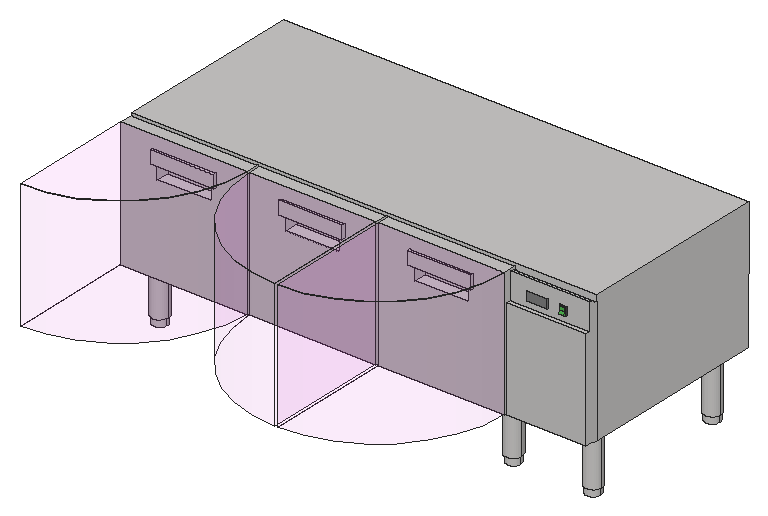
Revit family "QF_ELECTROLUXPROFESSIONAL_371373_E7TTCPCOMKN", category Specialty Equipment, Revit 2018
Family settings
  Round Connector Dimension = Use Diameter
  Part Type = Normal
  Work Plane-Based = No
  Always vertical = Yes
  Cut with Voids When Loaded = No
  Shared = No
  Room Calculation Point = No
Parameters
  Weight = 110.00 kg
  Watts = 0 W
  Volts = 0 V
  URL Manufacturer = ""
  URL = ""
  Steam Supply Size = 0 mm
  Steam Supply Minimum Pressure = 0.0 Pa
  Steam Supply Maximum Pressure = 0.0 Pa
  Steam Pounds per Hour = 0
  Refrigeration Suction Line Size = 0 mm
  Refrigeration Liquid Line Size = 0 mm
  Refrigerant Compressor Remote = yes
  Manufacturer = ""
  Phase = 0
  Model = ""
  Length Actual = 1600 mm  # constant formula
  Item Number = ""
  Hot Water Size = 0 mm
  Height Actual = 600 mm  # constant formula
  HP = "0.5 HP"
  Gas Size = 0 mm
  Gas KW = 0
  Gas Input Pressure = 0 W
  Direct Waste Size = 12.7 mm
  Description = ""
  Depth Actual = 700 mm  # constant formula
  Cycle = 0 Hz
  Condensate Return Size = 0 mm
  Compressed Air Volume = 0.0 L/s
  Compressed Air Size = 0 mm
  Compressed Air Pressure = 0.0 Pa
  Cold Water Size = 0 mm
  Accessory = yes
Reference planes
  plane 1 "Center X": y = 0
  plane 2: z = 0
  plane 3 "Centro (Sinistra/Destra)": x = 0
  plane 4: z = 200
  plane 5 "TOP": z = 650
  plane 6 "BACK": y = 350
  plane 7 "FRONT": y = -350
  plane 8 "LEFT": x = -800
  plane 9 "RIGHT": x = 800
  plane 10: y = -303
  plane 11: y = -348
  plane 12: x = -745
  plane 13: x = 745
  plane 14: x = 471
  plane 15: y = 262
  plane 16: y = -249
  plane 17: x = 286
  plane 18: x = -799
  plane 19: x = 799
  plane 20: y = 190
  plane 21: x = 560
Forms (mm)
  Extrusion 1, solid, material "QF_Finishes_Stainless Steel"
    sketch origin (0, 0, 650) x (-1, 0, 0) y (0, -1, 0)
      loop
        line (799, -350) -> (799, 303) -> (-799, 303) -> (-799, -350) -> (799, -350)
    from -450 to 0
  Extrusion 2, solid, material "QF_Finishes_Stainless Steel"
    sketch origin (196, -342.999, 0) x (-1, 0, 0) y (0, 0, 1)
      loop
        line (995, 201.587) -> (995, 640.994) -> (560.999, 640.994) -> (560.999, 201.587) -> (995, 201.587)
      loop
        line (871.3, 506.706) -> (871.3, 585) -> (684.699, 585) -> (684.699, 506.706) -> (871.3, 506.706)
    from -5.001 to 39.999
  Extrusion 3, solid, material "QF_Finishes_Stainless Steel"
    sketch origin (196, -348, 0) x (1, 0, 0) y (0, 0, 1)
      loop
        line (-886.3, 598.969) -> (-886.3, 553.969) -> (-669.699, 553.969) -> (-669.699, 598.969) -> (-886.3, 598.969)
    from 0 to 10
  Extrusion 4, solid, material "QF_Finishes_Stainless Steel"
    sketch origin (200, 0, 0) x (1, 0, 0) y (0, 1, 0)
      loop
        circle (560, 190) r 6
    from 189.987 to 200
  Extrusion 5, solid, material "QF_Finishes_Stainless Steel"
    sketch origin (799, 66.551, 0) x (0, 1, 0) y (0, 0, 1)
      loop
        line (-369.551, 629.527) -> (-386.314, 640.994) -> (-397.65, 640.994) -> (-397.65, 549.796) -> (-414.551, 549.796) -> (-414.551, 204.796) -> (-384.714, 204.796) -> (-374.993, 200) -> (-369.551, 200) -> (-369.551, 629.527)
    from 0 to -271
  Extrusion 6, solid, material "QF_Finishes_Black"
    sketch origin (783, -331.099, 630.994) x (0, 0, -1) y (1, 0, 0)
      loop
        line (32.198, -86.899) -> (61.199, -86.899) -> (61.199, -64.9) -> (32.198, -64.9) -> (32.198, -86.899)
    from 0 to 1.6
  Extrusion 7, solid, material "QF_Finishes_Grey"
    sketch origin (789, -331.099, 630.994) x (0, 0, -1) y (1, 0, 0)
      loop
        line (32.198, -206.099) -> (61.199, -206.099) -> (61.199, -136.099) -> (32.198, -136.099) -> (32.198, -206.099)
    from 0 to 1.6
  Extrusion 8, solid, material "QF_Finishes_Green"
    sketch origin (718.1, -331.099, 598.796) x (0, 0, -1) y (0, 1, 0)
      loop
        line (2.279, -3.281) -> (14.5, -3.281) -> (25.308, -8.985)
        arc (25.308, -8.985) -> (26.537, -5.394) -> (26.605, -1.6) r 12.221
        line (26.605, -1.6) -> (2.395, -1.6)
        arc (2.395, -1.6) -> (2.308, -2.439) -> (2.279, -3.281) r 12.221
    from -20 to -2
  Extrusion 9, solid, material "QF_Finishes_Stainless Steel"
    sketch origin (640.331, -342.999, 0) x (-1, 0, 0) y (0, 0, 1)
      loop
        line (997, 201.587) -> (997, 640.994) -> (563, 640.994) -> (563, 201.587) -> (997, 201.587)
      loop
        line (873.3, 506.706) -> (873.3, 585) -> (686.699, 585) -> (686.699, 506.706) -> (873.3, 506.706)
    from -5.001 to 39.999
  Extrusion 10, solid, material "QF_Finishes_Stainless Steel"
    sketch origin (640.331, -348, 0) x (1, 0, 0) y (0, 0, 1)
      loop
        line (-888.3, 598.969) -> (-888.3, 553.969) -> (-671.699, 553.969) -> (-671.699, 598.969) -> (-888.3, 598.969)
    from 0 to 10
  Extrusion 11, solid, material "QF_Finishes_Stainless Steel"
    sketch origin (1073.161, -342.999, 0) x (-1, 0, 0) y (0, 0, 1)
      loop
        line (553.5, 201.587) -> (987.5, 201.587) -> (987.5, 640.994) -> (553.5, 640.994) -> (553.5, 201.587)
      loop
        line (863.8, 506.706) -> (863.8, 585) -> (677.199, 585) -> (677.199, 506.706) -> (863.8, 506.706)
    from -5.001 to 39.999
  Extrusion 12, solid, material "QF_Finishes_Stainless Steel"
    sketch origin (1073.161, -348, 0) x (1, 0, 0) y (0, 0, 1)
      loop
        line (-878.8, 598.969) -> (-878.8, 553.969) -> (-662.199, 553.969) -> (-662.199, 598.969) -> (-878.8, 598.969)
    from 0 to 10
  Extrusion 13, solid, material "QF_Door-Drawer Clearances"
    sketch origin (0, 0, 0) x (1, 0, 0) y (0, 1, 0)
      loop
        line (-799, -348) -> (-799, -782)
        arc (-799, -782) -> (-492.116, -654.884) -> (-365, -348) r 434
        line (-365, -348) -> (-799, -348)
    from 201.587 to 640.994
  Extrusion 14, solid, material "QF_Door-Drawer Clearances"
    sketch origin (-721.669, 0, 0) x (-1, 0, 0) y (0, -1, 0)
      loop
        line (-799, 348) -> (-365, 348)
        arc (-365, 348) -> (-492.116, 654.884) -> (-799, 782) r 434
        line (-799, 782) -> (-799, 348)
    from 201.587 to 640.994
  Extrusion 15, solid, material "QF_Door-Drawer Clearances"
    sketch origin (884.661, 0, 0) x (1, 0, 0) y (0, 1, 0)
      loop
        line (-799, -348) -> (-799, -782)
        arc (-799, -782) -> (-492.116, -654.884) -> (-365, -348) r 434
        line (-365, -348) -> (-799, -348)
    from 201.587 to 640.994
Lines and regions (mm)
  Split face 1
    outline origin (789, -332.699, 630.994) x (0, 0, -1) y (1, 0, 0)
      loop
        line (37.198, -196.099) -> (52.198, -196.099) -> (52.198, -146.099) -> (37.198, -146.099) -> (37.198, -196.099)
  Split face 2
    outline origin (789, -332.699, 630.994) x (0, 0, -1) y (1, 0, 0)
      loop
        circle (44.698, -143.099) r 1.2
  Split face 3
    outline origin (789, -332.699, 630.994) x (0, 0, -1) y (1, 0, 0)
      loop
        circle (39.698, -143.099) r 1.2
  Split face 4
    outline origin (789, -332.699, 630.994) x (0, 0, -1) y (1, 0, 0)
      loop
        circle (49.698, -143.099) r 1.2
  Split face 5
    outline origin (789, -332.699, 630.994) x (0, 0, -1) y (1, 0, 0)
      loop
        circle (39.698, -199.099) r 1.2
  Split face 6
    outline origin (789, -332.699, 630.994) x (0, 0, -1) y (1, 0, 0)
      loop
        circle (44.698, -199.099) r 1.2
  Split face 7
    outline origin (789, -332.699, 630.994) x (0, 0, -1) y (1, 0, 0)
      loop
        circle (49.698, -199.099) r 1.2
  Split face 8
    outline origin (789, -332.699, 630.994) x (0, 0, -1) y (1, 0, 0)
      loop
        line (59.151, -196.099) -> (59.151, -185.099) -> (54.151, -185.099) -> (54.151, -196.099) -> (59.151, -196.099)
  Split face 9
    outline origin (789, -332.699, 630.994) x (0, 0, -1) y (1, 0, 0)
      loop
        line (54.151, -183.099) -> (59.151, -183.099) -> (59.151, -172.099) -> (54.151, -172.099) -> (54.151, -183.099)
  Split face 10
    outline origin (802, -332.699, 630.994) x (0, 0, -1) y (1, 0, 0)
      loop
        line (54.151, -183.099) -> (59.151, -183.099) -> (59.151, -172.099) -> (54.151, -172.099) -> (54.151, -183.099)
  Split face 11
    outline origin (815, -332.699, 630.994) x (0, 0, -1) y (1, 0, 0)
      loop
        line (54.151, -183.099) -> (59.151, -183.099) -> (59.151, -172.099) -> (54.151, -172.099) -> (54.151, -183.099)
  Split face 12
    outline origin (799, -348, 412.291) x (0, 0, -1) y (1, 0, 0)
      loop
        arc (-85.025, -240.599) -> (-81.004, -236.61) -> (-85.004, -232.599) r 4
        line (-85.004, -232.599) -> (-117.004, -232.599)
        arc (-117.004, -232.599) -> (-121.004, -236.61) -> (-116.984, -240.599) r 4
        line (-116.984, -240.599) -> (-85.025, -240.599)
  Split face 13
    outline origin (811, -348, 412.291) x (0, 0, -1) y (1, 0, 0)
      loop
        arc (-85.025, -240.599) -> (-81.004, -236.61) -> (-85.004, -232.599) r 4
        line (-85.004, -232.599) -> (-117.004, -232.599)
        arc (-117.004, -232.599) -> (-121.004, -236.61) -> (-116.984, -240.599) r 4
        line (-116.984, -240.599) -> (-85.025, -240.599)
  Split face 14
    outline origin (823, -348, 412.291) x (0, 0, -1) y (1, 0, 0)
      loop
        arc (-85.025, -240.599) -> (-81.004, -236.61) -> (-85.004, -232.599) r 4
        line (-85.004, -232.599) -> (-117.004, -232.599)
        arc (-117.004, -232.599) -> (-121.004, -236.61) -> (-116.984, -240.599) r 4
        line (-116.984, -240.599) -> (-85.025, -240.599)
  Split face 15
    outline origin (834.897, -348, 412.291) x (0, 0, -1) y (1, 0, 0)
      loop
        arc (-85.025, -240.599) -> (-81.004, -236.61) -> (-85.004, -232.599) r 4
        line (-85.004, -232.599) -> (-117.004, -232.599)
        arc (-117.004, -232.599) -> (-121.004, -236.61) -> (-116.984, -240.599) r 4
        line (-116.984, -240.599) -> (-85.025, -240.599)
  Split face 16
    outline origin (846.896, -348, 412.291) x (0, 0, -1) y (1, 0, 0)
      loop
        arc (-85.025, -240.599) -> (-81.004, -236.61) -> (-85.004, -232.599) r 4
        line (-85.004, -232.599) -> (-117.004, -232.599)
        arc (-117.004, -232.599) -> (-121.004, -236.61) -> (-116.984, -240.599) r 4
        line (-116.984, -240.599) -> (-85.025, -240.599)
  Split face 17
    outline origin (858.896, -348, 412.291) x (0, 0, -1) y (1, 0, 0)
      loop
        arc (-85.025, -240.599) -> (-81.004, -236.61) -> (-85.004, -232.599) r 4
        line (-85.004, -232.599) -> (-117.004, -232.599)
        arc (-117.004, -232.599) -> (-121.004, -236.61) -> (-116.984, -240.599) r 4
        line (-116.984, -240.599) -> (-85.025, -240.599)
  Split face 18
    outline origin (870.896, -348, 412.291) x (0, 0, -1) y (1, 0, 0)
      loop
        arc (-85.025, -240.599) -> (-81.004, -236.61) -> (-85.004, -232.599) r 4
        line (-85.004, -232.599) -> (-117.004, -232.599)
        arc (-117.004, -232.599) -> (-121.004, -236.61) -> (-116.984, -240.599) r 4
        line (-116.984, -240.599) -> (-85.025, -240.599)
  Split face 19
    outline origin (882.897, -348, 412.291) x (0, 0, -1) y (1, 0, 0)
      loop
        arc (-85.025, -240.599) -> (-81.004, -236.61) -> (-85.004, -232.599) r 4
        line (-85.004, -232.599) -> (-117.004, -232.599)
        arc (-117.004, -232.599) -> (-121.004, -236.61) -> (-116.984, -240.599) r 4
        line (-116.984, -240.599) -> (-85.025, -240.599)
  Split face 20
    outline origin (894.896, -348, 412.291) x (0, 0, -1) y (1, 0, 0)
      loop
        arc (-85.025, -240.599) -> (-81.004, -236.61) -> (-85.004, -232.599) r 4
        line (-85.004, -232.599) -> (-117.004, -232.599)
        arc (-117.004, -232.599) -> (-121.004, -236.61) -> (-116.984, -240.599) r 4
        line (-116.984, -240.599) -> (-85.025, -240.599)
  Split face 21
    outline origin (906.896, -348, 412.291) x (0, 0, -1) y (1, 0, 0)
      loop
        arc (-85.025, -242.399) -> (-81.004, -238.41) -> (-85.004, -234.4) r 4
        line (-85.004, -234.4) -> (-117.004, -234.4)
        arc (-117.004, -234.4) -> (-121.004, -238.41) -> (-116.984, -242.399) r 4
        line (-116.984, -242.399) -> (-85.025, -242.399)
  Split face 22
    outline origin (918.896, -348, 412.291) x (0, 0, -1) y (1, 0, 0)
      loop
        arc (-85.025, -242.399) -> (-81.004, -238.41) -> (-85.004, -234.4) r 4
        line (-85.004, -234.4) -> (-117.004, -234.4)
        arc (-117.004, -234.4) -> (-121.004, -238.41) -> (-116.984, -242.399) r 4
        line (-116.984, -242.399) -> (-85.025, -242.399)
  Split face 23
    outline origin (930.896, -348, 412.291) x (0, 0, -1) y (1, 0, 0)
      loop
        arc (-85.025, -242.399) -> (-81.004, -238.41) -> (-85.004, -234.4) r 4
        line (-85.004, -234.4) -> (-117.004, -234.4)
        arc (-117.004, -234.4) -> (-121.004, -238.41) -> (-116.984, -242.399) r 4
        line (-116.984, -242.399) -> (-85.025, -242.399)
  Split face 24
    outline origin (942.896, -348, 412.291) x (0, 0, -1) y (1, 0, 0)
      loop
        arc (-85.025, -242.399) -> (-81.004, -238.41) -> (-85.004, -234.4) r 4
        line (-85.004, -234.4) -> (-117.004, -234.4)
        arc (-117.004, -234.4) -> (-121.004, -238.41) -> (-116.984, -242.399) r 4
        line (-116.984, -242.399) -> (-85.025, -242.399)
  Split face 25
    outline origin (954.896, -348, 412.291) x (0, 0, -1) y (1, 0, 0)
      loop
        arc (-85.025, -242.399) -> (-81.004, -238.41) -> (-85.004, -234.4) r 4
        line (-85.004, -234.4) -> (-117.004, -234.4)
        arc (-117.004, -234.4) -> (-121.004, -238.41) -> (-116.984, -242.399) r 4
        line (-116.984, -242.399) -> (-85.025, -242.399)
  Split face 26
    outline origin (966.896, -348, 412.291) x (0, 0, -1) y (1, 0, 0)
      loop
        arc (-85.025, -242.399) -> (-81.004, -238.41) -> (-85.004, -234.4) r 4
        line (-85.004, -234.4) -> (-117.004, -234.4)
        arc (-117.004, -234.4) -> (-121.004, -238.41) -> (-116.984, -242.399) r 4
        line (-116.984, -242.399) -> (-85.025, -242.399)
  Split face 27
    outline origin (978.896, -348, 412.291) x (0, 0, -1) y (1, 0, 0)
      loop
        arc (-85.025, -242.399) -> (-81.004, -238.41) -> (-85.004, -234.4) r 4
        line (-85.004, -234.4) -> (-117.004, -234.4)
        arc (-117.004, -234.4) -> (-121.004, -238.41) -> (-116.984, -242.399) r 4
        line (-116.984, -242.399) -> (-85.025, -242.399)
  Split face 28
    outline origin (990.896, -348, 412.291) x (0, 0, -1) y (1, 0, 0)
      loop
        arc (-85.025, -242.399) -> (-81.004, -238.41) -> (-85.004, -234.4) r 4
        line (-85.004, -234.4) -> (-117.004, -234.4)
        arc (-117.004, -234.4) -> (-121.004, -238.41) -> (-116.984, -242.399) r 4
        line (-116.984, -242.399) -> (-85.025, -242.399)
  Split face 29
    outline origin (1002.896, -348, 412.291) x (0, 0, -1) y (1, 0, 0)
      loop
        arc (-85.025, -242.399) -> (-81.004, -238.41) -> (-85.004, -234.4) r 4
        line (-85.004, -234.4) -> (-117.004, -234.4)
        arc (-117.004, -234.4) -> (-121.004, -238.41) -> (-116.984, -242.399) r 4
        line (-116.984, -242.399) -> (-85.025, -242.399)
  Split face 30
    outline origin (1014.896, -348, 412.291) x (0, 0, -1) y (1, 0, 0)
      loop
        arc (-85.025, -242.399) -> (-81.004, -238.41) -> (-85.004, -234.4) r 4
        line (-85.004, -234.4) -> (-117.004, -234.4)
        arc (-117.004, -234.4) -> (-121.004, -238.41) -> (-116.984, -242.399) r 4
        line (-116.984, -242.399) -> (-85.025, -242.399)
  Split face 31
    outline origin (787, -348, 412.291) x (0, 0, -1) y (1, 0, 0)
      loop
        arc (-85.025, -240.599) -> (-81.004, -236.61) -> (-85.004, -232.599) r 4
        line (-85.004, -232.599) -> (-117.004, -232.599)
        arc (-117.004, -232.599) -> (-121.004, -236.61) -> (-116.984, -240.599) r 4
        line (-116.984, -240.599) -> (-85.025, -240.599)
  Split face 32
    outline origin (799, -348, 367.29) x (0, 0, -1) y (1, 0, 0)
      loop
        arc (-85.025, -240.599) -> (-81.004, -236.61) -> (-85.004, -232.599) r 4
        line (-85.004, -232.599) -> (-117.004, -232.599)
        arc (-117.004, -232.599) -> (-121.004, -236.61) -> (-116.984, -240.599) r 4
        line (-116.984, -240.599) -> (-85.025, -240.599)
  Split face 33
    outline origin (811, -348, 367.29) x (0, 0, -1) y (1, 0, 0)
      loop
        arc (-85.025, -240.599) -> (-81.004, -236.61) -> (-85.004, -232.599) r 4
        line (-85.004, -232.599) -> (-117.004, -232.599)
        arc (-117.004, -232.599) -> (-121.004, -236.61) -> (-116.984, -240.599) r 4
        line (-116.984, -240.599) -> (-85.025, -240.599)
  Split face 34
    outline origin (823, -348, 367.29) x (0, 0, -1) y (1, 0, 0)
      loop
        arc (-85.025, -240.599) -> (-81.004, -236.61) -> (-85.004, -232.599) r 4
        line (-85.004, -232.599) -> (-117.004, -232.599)
        arc (-117.004, -232.599) -> (-121.004, -236.61) -> (-116.984, -240.599) r 4
        line (-116.984, -240.599) -> (-85.025, -240.599)
  Split face 35
    outline origin (834.897, -348, 367.29) x (0, 0, -1) y (1, 0, 0)
      loop
        arc (-85.025, -240.599) -> (-81.004, -236.61) -> (-85.004, -232.599) r 4
        line (-85.004, -232.599) -> (-117.004, -232.599)
        arc (-117.004, -232.599) -> (-121.004, -236.61) -> (-116.984, -240.599) r 4
        line (-116.984, -240.599) -> (-85.025, -240.599)
  Split face 36
    outline origin (846.896, -348, 367.29) x (0, 0, -1) y (1, 0, 0)
      loop
        arc (-85.025, -240.599) -> (-81.004, -236.61) -> (-85.004, -232.599) r 4
        line (-85.004, -232.599) -> (-117.004, -232.599)
        arc (-117.004, -232.599) -> (-121.004, -236.61) -> (-116.984, -240.599) r 4
        line (-116.984, -240.599) -> (-85.025, -240.599)
  Split face 37
    outline origin (858.896, -348, 367.29) x (0, 0, -1) y (1, 0, 0)
      loop
        arc (-85.025, -240.599) -> (-81.004, -236.61) -> (-85.004, -232.599) r 4
        line (-85.004, -232.599) -> (-117.004, -232.599)
        arc (-117.004, -232.599) -> (-121.004, -236.61) -> (-116.984, -240.599) r 4
        line (-116.984, -240.599) -> (-85.025, -240.599)
  Split face 38
    outline origin (870.896, -348, 367.29) x (0, 0, -1) y (1, 0, 0)
      loop
        arc (-85.025, -240.599) -> (-81.004, -236.61) -> (-85.004, -232.599) r 4
        line (-85.004, -232.599) -> (-117.004, -232.599)
        arc (-117.004, -232.599) -> (-121.004, -236.61) -> (-116.984, -240.599) r 4
        line (-116.984, -240.599) -> (-85.025, -240.599)
  Split face 39
    outline origin (882.897, -348, 367.29) x (0, 0, -1) y (1, 0, 0)
      loop
        arc (-85.025, -240.599) -> (-81.004, -236.61) -> (-85.004, -232.599) r 4
        line (-85.004, -232.599) -> (-117.004, -232.599)
        arc (-117.004, -232.599) -> (-121.004, -236.61) -> (-116.984, -240.599) r 4
        line (-116.984, -240.599) -> (-85.025, -240.599)
  Split face 40
    outline origin (894.896, -348, 367.29) x (0, 0, -1) y (1, 0, 0)
      loop
        arc (-85.025, -240.599) -> (-81.004, -236.61) -> (-85.004, -232.599) r 4
        line (-85.004, -232.599) -> (-117.004, -232.599)
        arc (-117.004, -232.599) -> (-121.004, -236.61) -> (-116.984, -240.599) r 4
        line (-116.984, -240.599) -> (-85.025, -240.599)
  Split face 41
    outline origin (906.896, -348, 367.29) x (0, 0, -1) y (1, 0, 0)
      loop
        arc (-85.025, -242.399) -> (-81.004, -238.41) -> (-85.004, -234.4) r 4
        line (-85.004, -234.4) -> (-117.004, -234.4)
        arc (-117.004, -234.4) -> (-121.004, -238.41) -> (-116.984, -242.399) r 4
        line (-116.984, -242.399) -> (-85.025, -242.399)
  Split face 42
    outline origin (918.896, -348, 367.29) x (0, 0, -1) y (1, 0, 0)
      loop
        arc (-85.025, -242.399) -> (-81.004, -238.41) -> (-85.004, -234.4) r 4
        line (-85.004, -234.4) -> (-117.004, -234.4)
        arc (-117.004, -234.4) -> (-121.004, -238.41) -> (-116.984, -242.399) r 4
        line (-116.984, -242.399) -> (-85.025, -242.399)
  Split face 43
    outline origin (930.896, -348, 367.29) x (0, 0, -1) y (1, 0, 0)
      loop
        arc (-85.025, -242.399) -> (-81.004, -238.41) -> (-85.004, -234.4) r 4
        line (-85.004, -234.4) -> (-117.004, -234.4)
        arc (-117.004, -234.4) -> (-121.004, -238.41) -> (-116.984, -242.399) r 4
        line (-116.984, -242.399) -> (-85.025, -242.399)
  Split face 44
    outline origin (942.896, -348, 367.29) x (0, 0, -1) y (1, 0, 0)
      loop
        arc (-85.025, -242.399) -> (-81.004, -238.41) -> (-85.004, -234.4) r 4
        line (-85.004, -234.4) -> (-117.004, -234.4)
        arc (-117.004, -234.4) -> (-121.004, -238.41) -> (-116.984, -242.399) r 4
        line (-116.984, -242.399) -> (-85.025, -242.399)
  Split face 45
    outline origin (954.896, -348, 367.29) x (0, 0, -1) y (1, 0, 0)
      loop
        arc (-85.025, -242.399) -> (-81.004, -238.41) -> (-85.004, -234.4) r 4
        line (-85.004, -234.4) -> (-117.004, -234.4)
        arc (-117.004, -234.4) -> (-121.004, -238.41) -> (-116.984, -242.399) r 4
        line (-116.984, -242.399) -> (-85.025, -242.399)
  Split face 46
    outline origin (966.896, -348, 367.29) x (0, 0, -1) y (1, 0, 0)
      loop
        arc (-85.025, -242.399) -> (-81.004, -238.41) -> (-85.004, -234.4) r 4
        line (-85.004, -234.4) -> (-117.004, -234.4)
        arc (-117.004, -234.4) -> (-121.004, -238.41) -> (-116.984, -242.399) r 4
        line (-116.984, -242.399) -> (-85.025, -242.399)
  Split face 47
    outline origin (978.896, -348, 367.29) x (0, 0, -1) y (1, 0, 0)
      loop
        arc (-85.025, -242.399) -> (-81.004, -238.41) -> (-85.004, -234.4) r 4
        line (-85.004, -234.4) -> (-117.004, -234.4)
        arc (-117.004, -234.4) -> (-121.004, -238.41) -> (-116.984, -242.399) r 4
        line (-116.984, -242.399) -> (-85.025, -242.399)
  Split face 48
    outline origin (990.896, -348, 367.29) x (0, 0, -1) y (1, 0, 0)
      loop
        arc (-85.025, -242.399) -> (-81.004, -238.41) -> (-85.004, -234.4) r 4
        line (-85.004, -234.4) -> (-117.004, -234.4)
        arc (-117.004, -234.4) -> (-121.004, -238.41) -> (-116.984, -242.399) r 4
        line (-116.984, -242.399) -> (-85.025, -242.399)
  Split face 49
    outline origin (1002.896, -348, 367.29) x (0, 0, -1) y (1, 0, 0)
      loop
        arc (-85.025, -242.399) -> (-81.004, -238.41) -> (-85.004, -234.4) r 4
        line (-85.004, -234.4) -> (-117.004, -234.4)
        arc (-117.004, -234.4) -> (-121.004, -238.41) -> (-116.984, -242.399) r 4
        line (-116.984, -242.399) -> (-85.025, -242.399)
  Split face 50
    outline origin (1014.896, -348, 367.29) x (0, 0, -1) y (1, 0, 0)
      loop
        arc (-85.025, -242.399) -> (-81.004, -238.41) -> (-85.004, -234.4) r 4
        line (-85.004, -234.4) -> (-117.004, -234.4)
        arc (-117.004, -234.4) -> (-121.004, -238.41) -> (-116.984, -242.399) r 4
        line (-116.984, -242.399) -> (-85.025, -242.399)
  Split face 51
    outline origin (787, -348, 367.29) x (0, 0, -1) y (1, 0, 0)
      loop
        arc (-85.025, -240.599) -> (-81.004, -236.61) -> (-85.004, -232.599) r 4
        line (-85.004, -232.599) -> (-117.004, -232.599)
        arc (-117.004, -232.599) -> (-121.004, -236.61) -> (-116.984, -240.599) r 4
        line (-116.984, -240.599) -> (-85.025, -240.599)
  Split face 52
    outline origin (799, -348, 322.29) x (0, 0, -1) y (1, 0, 0)
      loop
        arc (-85.025, -240.599) -> (-81.004, -236.61) -> (-85.004, -232.599) r 4
        line (-85.004, -232.599) -> (-117.004, -232.599)
        arc (-117.004, -232.599) -> (-121.004, -236.61) -> (-116.984, -240.599) r 4
        line (-116.984, -240.599) -> (-85.025, -240.599)
  Split face 53
    outline origin (811, -348, 322.29) x (0, 0, -1) y (1, 0, 0)
      loop
        arc (-85.025, -240.599) -> (-81.004, -236.61) -> (-85.004, -232.599) r 4
        line (-85.004, -232.599) -> (-117.004, -232.599)
        arc (-117.004, -232.599) -> (-121.004, -236.61) -> (-116.984, -240.599) r 4
        line (-116.984, -240.599) -> (-85.025, -240.599)
  Split face 54
    outline origin (823, -348, 322.29) x (0, 0, -1) y (1, 0, 0)
      loop
        arc (-85.025, -240.599) -> (-81.004, -236.61) -> (-85.004, -232.599) r 4
        line (-85.004, -232.599) -> (-117.004, -232.599)
        arc (-117.004, -232.599) -> (-121.004, -236.61) -> (-116.984, -240.599) r 4
        line (-116.984, -240.599) -> (-85.025, -240.599)
  Split face 55
    outline origin (834.897, -348, 322.29) x (0, 0, -1) y (1, 0, 0)
      loop
        arc (-85.025, -240.599) -> (-81.004, -236.61) -> (-85.004, -232.599) r 4
        line (-85.004, -232.599) -> (-117.004, -232.599)
        arc (-117.004, -232.599) -> (-121.004, -236.61) -> (-116.984, -240.599) r 4
        line (-116.984, -240.599) -> (-85.025, -240.599)
  Split face 56
    outline origin (846.896, -348, 322.29) x (0, 0, -1) y (1, 0, 0)
      loop
        arc (-85.025, -240.599) -> (-81.004, -236.61) -> (-85.004, -232.599) r 4
        line (-85.004, -232.599) -> (-117.004, -232.599)
        arc (-117.004, -232.599) -> (-121.004, -236.61) -> (-116.984, -240.599) r 4
        line (-116.984, -240.599) -> (-85.025, -240.599)
  Split face 57
    outline origin (858.896, -348, 322.29) x (0, 0, -1) y (1, 0, 0)
      loop
        arc (-85.025, -240.599) -> (-81.004, -236.61) -> (-85.004, -232.599) r 4
        line (-85.004, -232.599) -> (-117.004, -232.599)
        arc (-117.004, -232.599) -> (-121.004, -236.61) -> (-116.984, -240.599) r 4
        line (-116.984, -240.599) -> (-85.025, -240.599)
  Split face 58
    outline origin (870.896, -348, 322.29) x (0, 0, -1) y (1, 0, 0)
      loop
        arc (-85.025, -240.599) -> (-81.004, -236.61) -> (-85.004, -232.599) r 4
        line (-85.004, -232.599) -> (-117.004, -232.599)
        arc (-117.004, -232.599) -> (-121.004, -236.61) -> (-116.984, -240.599) r 4
        line (-116.984, -240.599) -> (-85.025, -240.599)
  Split face 59
    outline origin (882.897, -348, 322.29) x (0, 0, -1) y (1, 0, 0)
      loop
        arc (-85.025, -240.599) -> (-81.004, -236.61) -> (-85.004, -232.599) r 4
        line (-85.004, -232.599) -> (-117.004, -232.599)
        arc (-117.004, -232.599) -> (-121.004, -236.61) -> (-116.984, -240.599) r 4
        line (-116.984, -240.599) -> (-85.025, -240.599)
  Split face 60
    outline origin (894.896, -348, 322.29) x (0, 0, -1) y (1, 0, 0)
      loop
        arc (-85.025, -240.599) -> (-81.004, -236.61) -> (-85.004, -232.599) r 4
        line (-85.004, -232.599) -> (-117.004, -232.599)
        arc (-117.004, -232.599) -> (-121.004, -236.61) -> (-116.984, -240.599) r 4
        line (-116.984, -240.599) -> (-85.025, -240.599)
  Split face 61
    outline origin (906.896, -348, 322.29) x (0, 0, -1) y (1, 0, 0)
      loop
        arc (-85.025, -242.399) -> (-81.004, -238.41) -> (-85.004, -234.4) r 4
        line (-85.004, -234.4) -> (-117.004, -234.4)
        arc (-117.004, -234.4) -> (-121.004, -238.41) -> (-116.984, -242.399) r 4
        line (-116.984, -242.399) -> (-85.025, -242.399)
  Split face 62
    outline origin (918.896, -348, 322.29) x (0, 0, -1) y (1, 0, 0)
      loop
        arc (-85.025, -242.399) -> (-81.004, -238.41) -> (-85.004, -234.4) r 4
        line (-85.004, -234.4) -> (-117.004, -234.4)
        arc (-117.004, -234.4) -> (-121.004, -238.41) -> (-116.984, -242.399) r 4
        line (-116.984, -242.399) -> (-85.025, -242.399)
  Split face 63
    outline origin (930.896, -348, 322.29) x (0, 0, -1) y (1, 0, 0)
      loop
        arc (-85.025, -242.399) -> (-81.004, -238.41) -> (-85.004, -234.4) r 4
        line (-85.004, -234.4) -> (-117.004, -234.4)
        arc (-117.004, -234.4) -> (-121.004, -238.41) -> (-116.984, -242.399) r 4
        line (-116.984, -242.399) -> (-85.025, -242.399)
  Split face 64
    outline origin (942.896, -348, 322.29) x (0, 0, -1) y (1, 0, 0)
      loop
        arc (-85.025, -242.399) -> (-81.004, -238.41) -> (-85.004, -234.4) r 4
        line (-85.004, -234.4) -> (-117.004, -234.4)
        arc (-117.004, -234.4) -> (-121.004, -238.41) -> (-116.984, -242.399) r 4
        line (-116.984, -242.399) -> (-85.025, -242.399)
  Split face 65
    outline origin (954.896, -348, 322.29) x (0, 0, -1) y (1, 0, 0)
      loop
        arc (-85.025, -242.399) -> (-81.004, -238.41) -> (-85.004, -234.4) r 4
        line (-85.004, -234.4) -> (-117.004, -234.4)
        arc (-117.004, -234.4) -> (-121.004, -238.41) -> (-116.984, -242.399) r 4
        line (-116.984, -242.399) -> (-85.025, -242.399)
  Split face 66
    outline origin (966.896, -348, 322.29) x (0, 0, -1) y (1, 0, 0)
      loop
        arc (-85.025, -242.399) -> (-81.004, -238.41) -> (-85.004, -234.4) r 4
        line (-85.004, -234.4) -> (-117.004, -234.4)
        arc (-117.004, -234.4) -> (-121.004, -238.41) -> (-116.984, -242.399) r 4
        line (-116.984, -242.399) -> (-85.025, -242.399)
  Split face 67
    outline origin (978.896, -348, 322.29) x (0, 0, -1) y (1, 0, 0)
      loop
        arc (-85.025, -242.399) -> (-81.004, -238.41) -> (-85.004, -234.4) r 4
        line (-85.004, -234.4) -> (-117.004, -234.4)
        arc (-117.004, -234.4) -> (-121.004, -238.41) -> (-116.984, -242.399) r 4
        line (-116.984, -242.399) -> (-85.025, -242.399)
  Split face 68
    outline origin (990.896, -348, 322.29) x (0, 0, -1) y (1, 0, 0)
      loop
        arc (-85.025, -242.399) -> (-81.004, -238.41) -> (-85.004, -234.4) r 4
        line (-85.004, -234.4) -> (-117.004, -234.4)
        arc (-117.004, -234.4) -> (-121.004, -238.41) -> (-116.984, -242.399) r 4
        line (-116.984, -242.399) -> (-85.025, -242.399)
  Split face 69
    outline origin (1002.896, -348, 322.29) x (0, 0, -1) y (1, 0, 0)
      loop
        arc (-85.025, -242.399) -> (-81.004, -238.41) -> (-85.004, -234.4) r 4
        line (-85.004, -234.4) -> (-117.004, -234.4)
        arc (-117.004, -234.4) -> (-121.004, -238.41) -> (-116.984, -242.399) r 4
        line (-116.984, -242.399) -> (-85.025, -242.399)
  Split face 70
    outline origin (1014.896, -348, 322.29) x (0, 0, -1) y (1, 0, 0)
      loop
        arc (-85.025, -242.399) -> (-81.004, -238.41) -> (-85.004, -234.4) r 4
        line (-85.004, -234.4) -> (-117.004, -234.4)
        arc (-117.004, -234.4) -> (-121.004, -238.41) -> (-116.984, -242.399) r 4
        line (-116.984, -242.399) -> (-85.025, -242.399)
  Split face 71
    outline origin (787, -348, 322.29) x (0, 0, -1) y (1, 0, 0)
      loop
        arc (-85.025, -240.599) -> (-81.004, -236.61) -> (-85.004, -232.599) r 4
        line (-85.004, -232.599) -> (-117.004, -232.599)
        arc (-117.004, -232.599) -> (-121.004, -236.61) -> (-116.984, -240.599) r 4
        line (-116.984, -240.599) -> (-85.025, -240.599)
  Split face 72
    outline origin (799, -348, 277.29) x (0, 0, -1) y (1, 0, 0)
      loop
        arc (-85.025, -240.599) -> (-81.004, -236.61) -> (-85.004, -232.599) r 4
        line (-85.004, -232.599) -> (-117.004, -232.599)
        arc (-117.004, -232.599) -> (-121.004, -236.61) -> (-116.984, -240.599) r 4
        line (-116.984, -240.599) -> (-85.025, -240.599)
  Split face 73
    outline origin (811, -348, 277.29) x (0, 0, -1) y (1, 0, 0)
      loop
        arc (-85.025, -240.599) -> (-81.004, -236.61) -> (-85.004, -232.599) r 4
        line (-85.004, -232.599) -> (-117.004, -232.599)
        arc (-117.004, -232.599) -> (-121.004, -236.61) -> (-116.984, -240.599) r 4
        line (-116.984, -240.599) -> (-85.025, -240.599)
  Split face 74
    outline origin (823, -348, 277.29) x (0, 0, -1) y (1, 0, 0)
      loop
        arc (-85.025, -240.599) -> (-81.004, -236.61) -> (-85.004, -232.599) r 4
        line (-85.004, -232.599) -> (-117.004, -232.599)
        arc (-117.004, -232.599) -> (-121.004, -236.61) -> (-116.984, -240.599) r 4
        line (-116.984, -240.599) -> (-85.025, -240.599)
  Split face 75
    outline origin (834.897, -348, 277.29) x (0, 0, -1) y (1, 0, 0)
      loop
        arc (-85.025, -240.599) -> (-81.004, -236.61) -> (-85.004, -232.599) r 4
        line (-85.004, -232.599) -> (-117.004, -232.599)
        arc (-117.004, -232.599) -> (-121.004, -236.61) -> (-116.984, -240.599) r 4
        line (-116.984, -240.599) -> (-85.025, -240.599)
  Split face 76
    outline origin (846.896, -348, 277.29) x (0, 0, -1) y (1, 0, 0)
      loop
        arc (-85.025, -240.599) -> (-81.004, -236.61) -> (-85.004, -232.599) r 4
        line (-85.004, -232.599) -> (-117.004, -232.599)
        arc (-117.004, -232.599) -> (-121.004, -236.61) -> (-116.984, -240.599) r 4
        line (-116.984, -240.599) -> (-85.025, -240.599)
  Split face 77
    outline origin (858.896, -348, 277.29) x (0, 0, -1) y (1, 0, 0)
      loop
        arc (-85.025, -240.599) -> (-81.004, -236.61) -> (-85.004, -232.599) r 4
        line (-85.004, -232.599) -> (-117.004, -232.599)
        arc (-117.004, -232.599) -> (-121.004, -236.61) -> (-116.984, -240.599) r 4
        line (-116.984, -240.599) -> (-85.025, -240.599)
  Split face 78
    outline origin (870.896, -348, 277.29) x (0, 0, -1) y (1, 0, 0)
      loop
        arc (-85.025, -240.599) -> (-81.004, -236.61) -> (-85.004, -232.599) r 4
        line (-85.004, -232.599) -> (-117.004, -232.599)
        arc (-117.004, -232.599) -> (-121.004, -236.61) -> (-116.984, -240.599) r 4
        line (-116.984, -240.599) -> (-85.025, -240.599)
  Split face 79
    outline origin (882.897, -348, 277.29) x (0, 0, -1) y (1, 0, 0)
      loop
        arc (-85.025, -240.599) -> (-81.004, -236.61) -> (-85.004, -232.599) r 4
        line (-85.004, -232.599) -> (-117.004, -232.599)
        arc (-117.004, -232.599) -> (-121.004, -236.61) -> (-116.984, -240.599) r 4
        line (-116.984, -240.599) -> (-85.025, -240.599)
  Split face 80
    outline origin (894.896, -348, 277.29) x (0, 0, -1) y (1, 0, 0)
      loop
        arc (-85.025, -240.599) -> (-81.004, -236.61) -> (-85.004, -232.599) r 4
        line (-85.004, -232.599) -> (-117.004, -232.599)
        arc (-117.004, -232.599) -> (-121.004, -236.61) -> (-116.984, -240.599) r 4
        line (-116.984, -240.599) -> (-85.025, -240.599)
  Split face 81
    outline origin (906.896, -348, 277.29) x (0, 0, -1) y (1, 0, 0)
      loop
        arc (-85.025, -242.399) -> (-81.004, -238.41) -> (-85.004, -234.4) r 4
        line (-85.004, -234.4) -> (-117.004, -234.4)
        arc (-117.004, -234.4) -> (-121.004, -238.41) -> (-116.984, -242.399) r 4
        line (-116.984, -242.399) -> (-85.025, -242.399)
  Split face 82
    outline origin (918.896, -348, 277.29) x (0, 0, -1) y (1, 0, 0)
      loop
        arc (-85.025, -242.399) -> (-81.004, -238.41) -> (-85.004, -234.4) r 4
        line (-85.004, -234.4) -> (-117.004, -234.4)
        arc (-117.004, -234.4) -> (-121.004, -238.41) -> (-116.984, -242.399) r 4
        line (-116.984, -242.399) -> (-85.025, -242.399)
  Split face 83
    outline origin (930.896, -348, 277.29) x (0, 0, -1) y (1, 0, 0)
      loop
        arc (-85.025, -242.399) -> (-81.004, -238.41) -> (-85.004, -234.4) r 4
        line (-85.004, -234.4) -> (-117.004, -234.4)
        arc (-117.004, -234.4) -> (-121.004, -238.41) -> (-116.984, -242.399) r 4
        line (-116.984, -242.399) -> (-85.025, -242.399)
  Split face 84
    outline origin (942.896, -348, 277.29) x (0, 0, -1) y (1, 0, 0)
      loop
        arc (-85.025, -242.399) -> (-81.004, -238.41) -> (-85.004, -234.4) r 4
        line (-85.004, -234.4) -> (-117.004, -234.4)
        arc (-117.004, -234.4) -> (-121.004, -238.41) -> (-116.984, -242.399) r 4
        line (-116.984, -242.399) -> (-85.025, -242.399)
  Split face 85
    outline origin (954.896, -348, 277.29) x (0, 0, -1) y (1, 0, 0)
      loop
        arc (-85.025, -242.399) -> (-81.004, -238.41) -> (-85.004, -234.4) r 4
        line (-85.004, -234.4) -> (-117.004, -234.4)
        arc (-117.004, -234.4) -> (-121.004, -238.41) -> (-116.984, -242.399) r 4
        line (-116.984, -242.399) -> (-85.025, -242.399)
  Split face 86
    outline origin (966.896, -348, 277.29) x (0, 0, -1) y (1, 0, 0)
      loop
        arc (-85.025, -242.399) -> (-81.004, -238.41) -> (-85.004, -234.4) r 4
        line (-85.004, -234.4) -> (-117.004, -234.4)
        arc (-117.004, -234.4) -> (-121.004, -238.41) -> (-116.984, -242.399) r 4
        line (-116.984, -242.399) -> (-85.025, -242.399)
  Split face 87
    outline origin (978.896, -348, 277.29) x (0, 0, -1) y (1, 0, 0)
      loop
        arc (-85.025, -242.399) -> (-81.004, -238.41) -> (-85.004, -234.4) r 4
        line (-85.004, -234.4) -> (-117.004, -234.4)
        arc (-117.004, -234.4) -> (-121.004, -238.41) -> (-116.984, -242.399) r 4
        line (-116.984, -242.399) -> (-85.025, -242.399)
  Split face 88
    outline origin (990.896, -348, 277.29) x (0, 0, -1) y (1, 0, 0)
      loop
        arc (-85.025, -242.399) -> (-81.004, -238.41) -> (-85.004, -234.4) r 4
        line (-85.004, -234.4) -> (-117.004, -234.4)
        arc (-117.004, -234.4) -> (-121.004, -238.41) -> (-116.984, -242.399) r 4
        line (-116.984, -242.399) -> (-85.025, -242.399)
  Split face 89
    outline origin (1002.896, -348, 277.29) x (0, 0, -1) y (1, 0, 0)
      loop
        arc (-85.025, -242.399) -> (-81.004, -238.41) -> (-85.004, -234.4) r 4
        line (-85.004, -234.4) -> (-117.004, -234.4)
        arc (-117.004, -234.4) -> (-121.004, -238.41) -> (-116.984, -242.399) r 4
        line (-116.984, -242.399) -> (-85.025, -242.399)
  Split face 90
    outline origin (1014.896, -348, 277.29) x (0, 0, -1) y (1, 0, 0)
      loop
        arc (-85.025, -242.399) -> (-81.004, -238.41) -> (-85.004, -234.4) r 4
        line (-85.004, -234.4) -> (-117.004, -234.4)
        arc (-117.004, -234.4) -> (-121.004, -238.41) -> (-116.984, -242.399) r 4
        line (-116.984, -242.399) -> (-85.025, -242.399)
  Split face 91
    outline origin (787, -348, 277.29) x (0, 0, -1) y (1, 0, 0)
      loop
        arc (-85.025, -240.599) -> (-81.004, -236.61) -> (-85.004, -232.599) r 4
        line (-85.004, -232.599) -> (-117.004, -232.599)
        arc (-117.004, -232.599) -> (-121.004, -236.61) -> (-116.984, -240.599) r 4
        line (-116.984, -240.599) -> (-85.025, -240.599)
  Split face 92
    outline origin (799, -348, 232.29) x (0, 0, -1) y (1, 0, 0)
      loop
        arc (-85.025, -240.599) -> (-81.004, -236.61) -> (-85.004, -232.599) r 4
        line (-85.004, -232.599) -> (-117.004, -232.599)
        arc (-117.004, -232.599) -> (-121.004, -236.61) -> (-116.984, -240.599) r 4
        line (-116.984, -240.599) -> (-85.025, -240.599)
  Split face 93
    outline origin (811, -348, 232.29) x (0, 0, -1) y (1, 0, 0)
      loop
        arc (-85.025, -240.599) -> (-81.004, -236.61) -> (-85.004, -232.599) r 4
        line (-85.004, -232.599) -> (-117.004, -232.599)
        arc (-117.004, -232.599) -> (-121.004, -236.61) -> (-116.984, -240.599) r 4
        line (-116.984, -240.599) -> (-85.025, -240.599)
  Split face 94
    outline origin (823, -348, 232.29) x (0, 0, -1) y (1, 0, 0)
      loop
        arc (-85.025, -240.599) -> (-81.004, -236.61) -> (-85.004, -232.599) r 4
        line (-85.004, -232.599) -> (-117.004, -232.599)
        arc (-117.004, -232.599) -> (-121.004, -236.61) -> (-116.984, -240.599) r 4
        line (-116.984, -240.599) -> (-85.025, -240.599)
  Split face 95
    outline origin (834.897, -348, 232.29) x (0, 0, -1) y (1, 0, 0)
      loop
        arc (-85.025, -240.599) -> (-81.004, -236.61) -> (-85.004, -232.599) r 4
        line (-85.004, -232.599) -> (-117.004, -232.599)
        arc (-117.004, -232.599) -> (-121.004, -236.61) -> (-116.984, -240.599) r 4
        line (-116.984, -240.599) -> (-85.025, -240.599)
  Split face 96
    outline origin (846.896, -348, 232.29) x (0, 0, -1) y (1, 0, 0)
      loop
        arc (-85.025, -240.599) -> (-81.004, -236.61) -> (-85.004, -232.599) r 4
        line (-85.004, -232.599) -> (-117.004, -232.599)
        arc (-117.004, -232.599) -> (-121.004, -236.61) -> (-116.984, -240.599) r 4
        line (-116.984, -240.599) -> (-85.025, -240.599)
  Split face 97
    outline origin (858.896, -348, 232.29) x (0, 0, -1) y (1, 0, 0)
      loop
        arc (-85.025, -240.599) -> (-81.004, -236.61) -> (-85.004, -232.599) r 4
        line (-85.004, -232.599) -> (-117.004, -232.599)
        arc (-117.004, -232.599) -> (-121.004, -236.61) -> (-116.984, -240.599) r 4
        line (-116.984, -240.599) -> (-85.025, -240.599)
  Split face 98
    outline origin (870.896, -348, 232.29) x (0, 0, -1) y (1, 0, 0)
      loop
        arc (-85.025, -240.599) -> (-81.004, -236.61) -> (-85.004, -232.599) r 4
        line (-85.004, -232.599) -> (-117.004, -232.599)
        arc (-117.004, -232.599) -> (-121.004, -236.61) -> (-116.984, -240.599) r 4
        line (-116.984, -240.599) -> (-85.025, -240.599)
  Split face 99
    outline origin (882.897, -348, 232.29) x (0, 0, -1) y (1, 0, 0)
      loop
        arc (-85.025, -240.599) -> (-81.004, -236.61) -> (-85.004, -232.599) r 4
        line (-85.004, -232.599) -> (-117.004, -232.599)
        arc (-117.004, -232.599) -> (-121.004, -236.61) -> (-116.984, -240.599) r 4
        line (-116.984, -240.599) -> (-85.025, -240.599)
  Split face 100
    outline origin (894.896, -348, 232.29) x (0, 0, -1) y (1, 0, 0)
      loop
        arc (-85.025, -240.599) -> (-81.004, -236.61) -> (-85.004, -232.599) r 4
        line (-85.004, -232.599) -> (-117.004, -232.599)
        arc (-117.004, -232.599) -> (-121.004, -236.61) -> (-116.984, -240.599) r 4
        line (-116.984, -240.599) -> (-85.025, -240.599)
  Split face 101
    outline origin (906.896, -348, 232.29) x (0, 0, -1) y (1, 0, 0)
      loop
        arc (-85.025, -242.399) -> (-81.004, -238.41) -> (-85.004, -234.4) r 4
        line (-85.004, -234.4) -> (-117.004, -234.4)
        arc (-117.004, -234.4) -> (-121.004, -238.41) -> (-116.984, -242.399) r 4
        line (-116.984, -242.399) -> (-85.025, -242.399)
  Split face 102
    outline origin (918.896, -348, 232.29) x (0, 0, -1) y (1, 0, 0)
      loop
        arc (-85.025, -242.399) -> (-81.004, -238.41) -> (-85.004, -234.4) r 4
        line (-85.004, -234.4) -> (-117.004, -234.4)
        arc (-117.004, -234.4) -> (-121.004, -238.41) -> (-116.984, -242.399) r 4
        line (-116.984, -242.399) -> (-85.025, -242.399)
  Split face 103
    outline origin (930.896, -348, 232.29) x (0, 0, -1) y (1, 0, 0)
      loop
        arc (-85.025, -242.399) -> (-81.004, -238.41) -> (-85.004, -234.4) r 4
        line (-85.004, -234.4) -> (-117.004, -234.4)
        arc (-117.004, -234.4) -> (-121.004, -238.41) -> (-116.984, -242.399) r 4
        line (-116.984, -242.399) -> (-85.025, -242.399)
  Split face 104
    outline origin (942.896, -348, 232.29) x (0, 0, -1) y (1, 0, 0)
      loop
        arc (-85.025, -242.399) -> (-81.004, -238.41) -> (-85.004, -234.4) r 4
        line (-85.004, -234.4) -> (-117.004, -234.4)
        arc (-117.004, -234.4) -> (-121.004, -238.41) -> (-116.984, -242.399) r 4
        line (-116.984, -242.399) -> (-85.025, -242.399)
  Split face 105
    outline origin (954.896, -348, 232.29) x (0, 0, -1) y (1, 0, 0)
      loop
        arc (-85.025, -242.399) -> (-81.004, -238.41) -> (-85.004, -234.4) r 4
        line (-85.004, -234.4) -> (-117.004, -234.4)
        arc (-117.004, -234.4) -> (-121.004, -238.41) -> (-116.984, -242.399) r 4
        line (-116.984, -242.399) -> (-85.025, -242.399)
  Split face 106
    outline origin (966.896, -348, 232.29) x (0, 0, -1) y (1, 0, 0)
      loop
        arc (-85.025, -242.399) -> (-81.004, -238.41) -> (-85.004, -234.4) r 4
        line (-85.004, -234.4) -> (-117.004, -234.4)
        arc (-117.004, -234.4) -> (-121.004, -238.41) -> (-116.984, -242.399) r 4
        line (-116.984, -242.399) -> (-85.025, -242.399)
  Split face 107
    outline origin (978.896, -348, 232.29) x (0, 0, -1) y (1, 0, 0)
      loop
        arc (-85.025, -242.399) -> (-81.004, -238.41) -> (-85.004, -234.4) r 4
        line (-85.004, -234.4) -> (-117.004, -234.4)
        arc (-117.004, -234.4) -> (-121.004, -238.41) -> (-116.984, -242.399) r 4
        line (-116.984, -242.399) -> (-85.025, -242.399)
  Split face 108
    outline origin (990.896, -348, 232.29) x (0, 0, -1) y (1, 0, 0)
      loop
        arc (-85.025, -242.399) -> (-81.004, -238.41) -> (-85.004, -234.4) r 4
        line (-85.004, -234.4) -> (-117.004, -234.4)
        arc (-117.004, -234.4) -> (-121.004, -238.41) -> (-116.984, -242.399) r 4
        line (-116.984, -242.399) -> (-85.025, -242.399)
  Split face 109
    outline origin (1002.896, -348, 232.29) x (0, 0, -1) y (1, 0, 0)
      loop
        arc (-85.025, -242.399) -> (-81.004, -238.41) -> (-85.004, -234.4) r 4
        line (-85.004, -234.4) -> (-117.004, -234.4)
        arc (-117.004, -234.4) -> (-121.004, -238.41) -> (-116.984, -242.399) r 4
        line (-116.984, -242.399) -> (-85.025, -242.399)
  Split face 110
    outline origin (1014.896, -348, 232.29) x (0, 0, -1) y (1, 0, 0)
      loop
        arc (-85.025, -242.399) -> (-81.004, -238.41) -> (-85.004, -234.4) r 4
        line (-85.004, -234.4) -> (-117.004, -234.4)
        arc (-117.004, -234.4) -> (-121.004, -238.41) -> (-116.984, -242.399) r 4
        line (-116.984, -242.399) -> (-85.025, -242.399)
  Split face 111
    outline origin (787, -348, 232.29) x (0, 0, -1) y (1, 0, 0)
      loop
        arc (-85.025, -240.599) -> (-81.004, -236.61) -> (-85.004, -232.599) r 4
        line (-85.004, -232.599) -> (-117.004, -232.599)
        arc (-117.004, -232.599) -> (-121.004, -236.61) -> (-116.984, -240.599) r 4
        line (-116.984, -240.599) -> (-85.025, -240.599)
  Split face 112
    outline origin (799, -348, 187.29) x (0, 0, -1) y (1, 0, 0)
      loop
        arc (-85.025, -240.599) -> (-81.004, -236.61) -> (-85.004, -232.599) r 4
        line (-85.004, -232.599) -> (-117.004, -232.599)
        arc (-117.004, -232.599) -> (-121.004, -236.61) -> (-116.984, -240.599) r 4
        line (-116.984, -240.599) -> (-85.025, -240.599)
  Split face 113
    outline origin (811, -348, 187.29) x (0, 0, -1) y (1, 0, 0)
      loop
        arc (-85.025, -240.599) -> (-81.004, -236.61) -> (-85.004, -232.599) r 4
        line (-85.004, -232.599) -> (-117.004, -232.599)
        arc (-117.004, -232.599) -> (-121.004, -236.61) -> (-116.984, -240.599) r 4
        line (-116.984, -240.599) -> (-85.025, -240.599)
  Split face 114
    outline origin (823, -348, 187.29) x (0, 0, -1) y (1, 0, 0)
      loop
        arc (-85.025, -240.599) -> (-81.004, -236.61) -> (-85.004, -232.599) r 4
        line (-85.004, -232.599) -> (-117.004, -232.599)
        arc (-117.004, -232.599) -> (-121.004, -236.61) -> (-116.984, -240.599) r 4
        line (-116.984, -240.599) -> (-85.025, -240.599)
  Split face 115
    outline origin (834.897, -348, 187.29) x (0, 0, -1) y (1, 0, 0)
      loop
        arc (-85.025, -240.599) -> (-81.004, -236.61) -> (-85.004, -232.599) r 4
        line (-85.004, -232.599) -> (-117.004, -232.599)
        arc (-117.004, -232.599) -> (-121.004, -236.61) -> (-116.984, -240.599) r 4
        line (-116.984, -240.599) -> (-85.025, -240.599)
  Split face 116
    outline origin (846.896, -348, 187.29) x (0, 0, -1) y (1, 0, 0)
      loop
        arc (-85.025, -240.599) -> (-81.004, -236.61) -> (-85.004, -232.599) r 4
        line (-85.004, -232.599) -> (-117.004, -232.599)
        arc (-117.004, -232.599) -> (-121.004, -236.61) -> (-116.984, -240.599) r 4
        line (-116.984, -240.599) -> (-85.025, -240.599)
  Split face 117
    outline origin (858.896, -348, 187.29) x (0, 0, -1) y (1, 0, 0)
      loop
        arc (-85.025, -240.599) -> (-81.004, -236.61) -> (-85.004, -232.599) r 4
        line (-85.004, -232.599) -> (-117.004, -232.599)
        arc (-117.004, -232.599) -> (-121.004, -236.61) -> (-116.984, -240.599) r 4
        line (-116.984, -240.599) -> (-85.025, -240.599)
  Split face 118
    outline origin (870.896, -348, 187.29) x (0, 0, -1) y (1, 0, 0)
      loop
        arc (-85.025, -240.599) -> (-81.004, -236.61) -> (-85.004, -232.599) r 4
        line (-85.004, -232.599) -> (-117.004, -232.599)
        arc (-117.004, -232.599) -> (-121.004, -236.61) -> (-116.984, -240.599) r 4
        line (-116.984, -240.599) -> (-85.025, -240.599)
  Split face 119
    outline origin (882.897, -348, 187.29) x (0, 0, -1) y (1, 0, 0)
      loop
        arc (-85.025, -240.599) -> (-81.004, -236.61) -> (-85.004, -232.599) r 4
        line (-85.004, -232.599) -> (-117.004, -232.599)
        arc (-117.004, -232.599) -> (-121.004, -236.61) -> (-116.984, -240.599) r 4
        line (-116.984, -240.599) -> (-85.025, -240.599)
  Split face 120
    outline origin (894.896, -348, 187.29) x (0, 0, -1) y (1, 0, 0)
      loop
        arc (-85.025, -240.599) -> (-81.004, -236.61) -> (-85.004, -232.599) r 4
        line (-85.004, -232.599) -> (-117.004, -232.599)
        arc (-117.004, -232.599) -> (-121.004, -236.61) -> (-116.984, -240.599) r 4
        line (-116.984, -240.599) -> (-85.025, -240.599)
  Split face 121
    outline origin (906.896, -348, 187.29) x (0, 0, -1) y (1, 0, 0)
      loop
        arc (-85.025, -242.399) -> (-81.004, -238.41) -> (-85.004, -234.4) r 4
        line (-85.004, -234.4) -> (-117.004, -234.4)
        arc (-117.004, -234.4) -> (-121.004, -238.41) -> (-116.984, -242.399) r 4
        line (-116.984, -242.399) -> (-85.025, -242.399)
  Split face 122
    outline origin (918.896, -348, 187.29) x (0, 0, -1) y (1, 0, 0)
      loop
        arc (-85.025, -242.399) -> (-81.004, -238.41) -> (-85.004, -234.4) r 4
        line (-85.004, -234.4) -> (-117.004, -234.4)
        arc (-117.004, -234.4) -> (-121.004, -238.41) -> (-116.984, -242.399) r 4
        line (-116.984, -242.399) -> (-85.025, -242.399)
  Split face 123
    outline origin (930.896, -348, 187.29) x (0, 0, -1) y (1, 0, 0)
      loop
        arc (-85.025, -242.399) -> (-81.004, -238.41) -> (-85.004, -234.4) r 4
        line (-85.004, -234.4) -> (-117.004, -234.4)
        arc (-117.004, -234.4) -> (-121.004, -238.41) -> (-116.984, -242.399) r 4
        line (-116.984, -242.399) -> (-85.025, -242.399)
  Split face 124
    outline origin (942.896, -348, 187.29) x (0, 0, -1) y (1, 0, 0)
      loop
        arc (-85.025, -242.399) -> (-81.004, -238.41) -> (-85.004, -234.4) r 4
        line (-85.004, -234.4) -> (-117.004, -234.4)
        arc (-117.004, -234.4) -> (-121.004, -238.41) -> (-116.984, -242.399) r 4
        line (-116.984, -242.399) -> (-85.025, -242.399)
  Split face 125
    outline origin (954.896, -348, 187.29) x (0, 0, -1) y (1, 0, 0)
      loop
        arc (-85.025, -242.399) -> (-81.004, -238.41) -> (-85.004, -234.4) r 4
        line (-85.004, -234.4) -> (-117.004, -234.4)
        arc (-117.004, -234.4) -> (-121.004, -238.41) -> (-116.984, -242.399) r 4
        line (-116.984, -242.399) -> (-85.025, -242.399)
  Split face 126
    outline origin (966.896, -348, 187.29) x (0, 0, -1) y (1, 0, 0)
      loop
        arc (-85.025, -242.399) -> (-81.004, -238.41) -> (-85.004, -234.4) r 4
        line (-85.004, -234.4) -> (-117.004, -234.4)
        arc (-117.004, -234.4) -> (-121.004, -238.41) -> (-116.984, -242.399) r 4
        line (-116.984, -242.399) -> (-85.025, -242.399)
  Split face 127
    outline origin (978.896, -348, 187.29) x (0, 0, -1) y (1, 0, 0)
      loop
        arc (-85.025, -242.399) -> (-81.004, -238.41) -> (-85.004, -234.4) r 4
        line (-85.004, -234.4) -> (-117.004, -234.4)
        arc (-117.004, -234.4) -> (-121.004, -238.41) -> (-116.984, -242.399) r 4
        line (-116.984, -242.399) -> (-85.025, -242.399)
  Split face 128
    outline origin (990.896, -348, 187.29) x (0, 0, -1) y (1, 0, 0)
      loop
        arc (-85.025, -242.399) -> (-81.004, -238.41) -> (-85.004, -234.4) r 4
        line (-85.004, -234.4) -> (-117.004, -234.4)
        arc (-117.004, -234.4) -> (-121.004, -238.41) -> (-116.984, -242.399) r 4
        line (-116.984, -242.399) -> (-85.025, -242.399)
  Split face 129
    outline origin (1002.896, -348, 187.29) x (0, 0, -1) y (1, 0, 0)
      loop
        arc (-85.025, -242.399) -> (-81.004, -238.41) -> (-85.004, -234.4) r 4
        line (-85.004, -234.4) -> (-117.004, -234.4)
        arc (-117.004, -234.4) -> (-121.004, -238.41) -> (-116.984, -242.399) r 4
        line (-116.984, -242.399) -> (-85.025, -242.399)
  Split face 130
    outline origin (1014.896, -348, 187.29) x (0, 0, -1) y (1, 0, 0)
      loop
        arc (-85.025, -242.399) -> (-81.004, -238.41) -> (-85.004, -234.4) r 4
        line (-85.004, -234.4) -> (-117.004, -234.4)
        arc (-117.004, -234.4) -> (-121.004, -238.41) -> (-116.984, -242.399) r 4
        line (-116.984, -242.399) -> (-85.025, -242.399)
  Split face 131
    outline origin (787, -348, 187.29) x (0, 0, -1) y (1, 0, 0)
      loop
        arc (-85.025, -240.599) -> (-81.004, -236.61) -> (-85.004, -232.599) r 4
        line (-85.004, -232.599) -> (-117.004, -232.599)
        arc (-117.004, -232.599) -> (-121.004, -236.61) -> (-116.984, -240.599) r 4
        line (-116.984, -240.599) -> (-85.025, -240.599)
  Split face 132
    outline origin (799, -348, 142.29) x (0, 0, -1) y (1, 0, 0)
      loop
        arc (-85.025, -240.599) -> (-81.004, -236.61) -> (-85.004, -232.599) r 4
        line (-85.004, -232.599) -> (-117.004, -232.599)
        arc (-117.004, -232.599) -> (-121.004, -236.61) -> (-116.984, -240.599) r 4
        line (-116.984, -240.599) -> (-85.025, -240.599)
  Split face 133
    outline origin (811, -348, 142.29) x (0, 0, -1) y (1, 0, 0)
      loop
        arc (-85.025, -240.599) -> (-81.004, -236.61) -> (-85.004, -232.599) r 4
        line (-85.004, -232.599) -> (-117.004, -232.599)
        arc (-117.004, -232.599) -> (-121.004, -236.61) -> (-116.984, -240.599) r 4
        line (-116.984, -240.599) -> (-85.025, -240.599)
  Split face 134
    outline origin (823, -348, 142.29) x (0, 0, -1) y (1, 0, 0)
      loop
        arc (-85.025, -240.599) -> (-81.004, -236.61) -> (-85.004, -232.599) r 4
        line (-85.004, -232.599) -> (-117.004, -232.599)
        arc (-117.004, -232.599) -> (-121.004, -236.61) -> (-116.984, -240.599) r 4
        line (-116.984, -240.599) -> (-85.025, -240.599)
  Split face 135
    outline origin (834.897, -348, 142.29) x (0, 0, -1) y (1, 0, 0)
      loop
        arc (-85.025, -240.599) -> (-81.004, -236.61) -> (-85.004, -232.599) r 4
        line (-85.004, -232.599) -> (-117.004, -232.599)
        arc (-117.004, -232.599) -> (-121.004, -236.61) -> (-116.984, -240.599) r 4
        line (-116.984, -240.599) -> (-85.025, -240.599)
  Split face 136
    outline origin (846.896, -348, 142.29) x (0, 0, -1) y (1, 0, 0)
      loop
        arc (-85.025, -240.599) -> (-81.004, -236.61) -> (-85.004, -232.599) r 4
        line (-85.004, -232.599) -> (-117.004, -232.599)
        arc (-117.004, -232.599) -> (-121.004, -236.61) -> (-116.984, -240.599) r 4
        line (-116.984, -240.599) -> (-85.025, -240.599)
  Split face 137
    outline origin (858.896, -348, 142.29) x (0, 0, -1) y (1, 0, 0)
      loop
        arc (-85.025, -240.599) -> (-81.004, -236.61) -> (-85.004, -232.599) r 4
        line (-85.004, -232.599) -> (-117.004, -232.599)
        arc (-117.004, -232.599) -> (-121.004, -236.61) -> (-116.984, -240.599) r 4
        line (-116.984, -240.599) -> (-85.025, -240.599)
  Split face 138
    outline origin (870.896, -348, 142.29) x (0, 0, -1) y (1, 0, 0)
      loop
        arc (-85.025, -240.599) -> (-81.004, -236.61) -> (-85.004, -232.599) r 4
        line (-85.004, -232.599) -> (-117.004, -232.599)
        arc (-117.004, -232.599) -> (-121.004, -236.61) -> (-116.984, -240.599) r 4
        line (-116.984, -240.599) -> (-85.025, -240.599)
  Split face 139
    outline origin (882.897, -348, 142.29) x (0, 0, -1) y (1, 0, 0)
      loop
        arc (-85.025, -240.599) -> (-81.004, -236.61) -> (-85.004, -232.599) r 4
        line (-85.004, -232.599) -> (-117.004, -232.599)
        arc (-117.004, -232.599) -> (-121.004, -236.61) -> (-116.984, -240.599) r 4
        line (-116.984, -240.599) -> (-85.025, -240.599)
  Split face 140
    outline origin (894.896, -348, 142.29) x (0, 0, -1) y (1, 0, 0)
      loop
        arc (-85.025, -240.599) -> (-81.004, -236.61) -> (-85.004, -232.599) r 4
        line (-85.004, -232.599) -> (-117.004, -232.599)
        arc (-117.004, -232.599) -> (-121.004, -236.61) -> (-116.984, -240.599) r 4
        line (-116.984, -240.599) -> (-85.025, -240.599)
  Split face 141
    outline origin (906.896, -348, 142.29) x (0, 0, -1) y (1, 0, 0)
      loop
        arc (-85.025, -242.399) -> (-81.004, -238.41) -> (-85.004, -234.4) r 4
        line (-85.004, -234.4) -> (-117.004, -234.4)
        arc (-117.004, -234.4) -> (-121.004, -238.41) -> (-116.984, -242.399) r 4
        line (-116.984, -242.399) -> (-85.025, -242.399)
  Split face 142
    outline origin (918.896, -348, 142.29) x (0, 0, -1) y (1, 0, 0)
      loop
        arc (-85.025, -242.399) -> (-81.004, -238.41) -> (-85.004, -234.4) r 4
        line (-85.004, -234.4) -> (-117.004, -234.4)
        arc (-117.004, -234.4) -> (-121.004, -238.41) -> (-116.984, -242.399) r 4
        line (-116.984, -242.399) -> (-85.025, -242.399)
  Split face 143
    outline origin (930.896, -348, 142.29) x (0, 0, -1) y (1, 0, 0)
      loop
        arc (-85.025, -242.399) -> (-81.004, -238.41) -> (-85.004, -234.4) r 4
        line (-85.004, -234.4) -> (-117.004, -234.4)
        arc (-117.004, -234.4) -> (-121.004, -238.41) -> (-116.984, -242.399) r 4
        line (-116.984, -242.399) -> (-85.025, -242.399)
  Split face 144
    outline origin (942.896, -348, 142.29) x (0, 0, -1) y (1, 0, 0)
      loop
        arc (-85.025, -242.399) -> (-81.004, -238.41) -> (-85.004, -234.4) r 4
        line (-85.004, -234.4) -> (-117.004, -234.4)
        arc (-117.004, -234.4) -> (-121.004, -238.41) -> (-116.984, -242.399) r 4
        line (-116.984, -242.399) -> (-85.025, -242.399)
  Split face 145
    outline origin (954.896, -348, 142.29) x (0, 0, -1) y (1, 0, 0)
      loop
        arc (-85.025, -242.399) -> (-81.004, -238.41) -> (-85.004, -234.4) r 4
        line (-85.004, -234.4) -> (-117.004, -234.4)
        arc (-117.004, -234.4) -> (-121.004, -238.41) -> (-116.984, -242.399) r 4
        line (-116.984, -242.399) -> (-85.025, -242.399)
  Split face 146
    outline origin (966.896, -348, 142.29) x (0, 0, -1) y (1, 0, 0)
      loop
        arc (-85.025, -242.399) -> (-81.004, -238.41) -> (-85.004, -234.4) r 4
